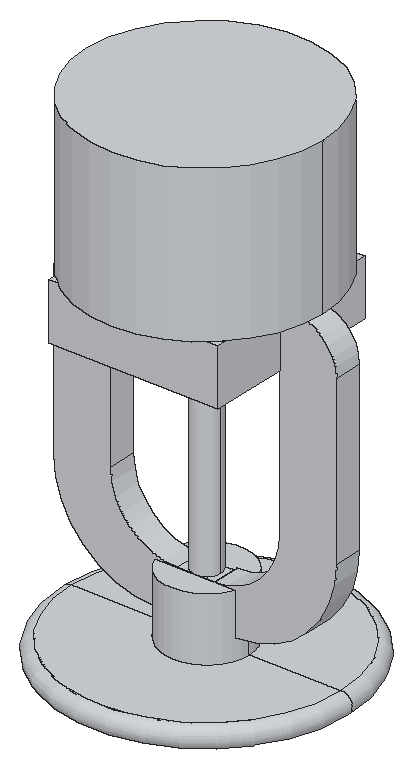
Revit family
Parameters (values of type "RASCO F1FR-EC PENDENT")
  Temperature Rating = 135 °F
  Response = 1
  RASCO SIN # = "R4842"
  RASCO Part # = "F1FREC0LW"
  Pressure Rating = "300 PSI"
  Pressure Class = 1
  Orifice Size = 17/32"
  Orifice = (empty or 0)
  Model = "F1FR"
  Manufacturer = "RASCO"
  K-Factor = 8
  Description = "White Finish"
  Coverage = 1
Reference planes (in)
  plane 1 "Center (Front/Back)": y = 0
  plane 2: z = 0
  plane 3 "Center (Left/Right)": x = 0
Dimensions and locks (in)
  aligned and locked: plane 2 to level
Nested families (in)
  nested 1: "F1FREC0LW" at (-0.01148, -1.2509, 2.4375) x (-1, 0, 0) z (0, 0, -1), type "RASCO F1FR-EC PENDENT"
Connectors (in)
  piping at (-0.01148, -1.2509, 2.4375)
    settings: on nested 1, index 1, connector radius 17/32", flow factor 0, pipe flow 0 GPM, pressure drop 0.00 psi, fitting loss kfactor 0, connector angle 0.00°, fixture units 0, flow configuration 0, flow direction 0, fitting loss method 0, system type 7, connector reference index -1, connector utility 0, adjustable connector no, is connector primary yes, fitting loss table "", connector description ""
Definition of nested family "F1FREC0LW"
  Parameters (values of type "RASCO F1FR-300 PENDENT")
    Type Comments = ""
    Temperature Rating = 0 °F
    Response = (empty or 0)
    Pressure Rating = "0"
    Pressure Class = (empty or 0)
    Orifice Size = 0"
    Orifice = (empty or 0)
    Model = ""
    Manufacturer = ""
    K-Factor = 0
    Description = ""
    Coverage = (empty or 0)
    Assembly Code = ""
  Reference planes (in)
    plane 1 "Center (Front/Back)": y = 0
    plane 2: z = 0
    plane 3 "ref.2": z = 0.6875
    plane 4 "ref.3": z = 0.9375
    plane 5: x = -0.38065
    plane 6: x = 0.36935
    plane 7 "ref. side 1": y = 0.06402
    plane 8 "ref. side 2": y = -0.06098
    plane 9 "ref.4": z = 1.875
    plane 10 "ref.5": z = 2.3125
    plane 11 "ref.6": z = 2.4375
  Forms (in)
    Extrusion 1, solid
      sketch origin (0, 0, 0) x (1, 0, 0) y (0, 1, 0)
        loop
          circle (0, 0) r 0.5221
      from 0 to 0.6875
    Extrusion 2, solid
      sketch origin (-0.12185, 0.05177, 0.6875) x (1, 0, 0) y (0, 1, 0)
        loop
          line (-0.2588, 0.356) -> (-0.2588, -0.4565) -> (0.4912, -0.4565) -> (0.4912, 0.356) -> (-0.2588, 0.356)
      from 0 to 0.25
    Extrusion 3, solid
      sketch origin (0, 0, 0) x (1, 0, 0) y (0, 0, 1)
        loop
          line (-0.38065, 0.69674) -> (-0.38065, 1.58397)
          arc (-0.38065, 1.58397) -> (-0.29541, 1.78976) -> (-0.08962, 1.875) r 0.29103
          line (-0.08962, 1.875) -> (0.07524, 1.875)
          arc (0.07524, 1.875) -> (0.28321, 1.78886) -> (0.36935, 1.58089) r 0.29411
          line (0.36935, 1.58089) -> (0.36935, 0.69728)
          arc (0.36935, 0.69728) -> (0.54046, 0.72329) -> (0.61935, 0.87734) r 0.18984
          line (0.61935, 0.87734) -> (0.61935, 1.61676)
          arc (0.61935, 1.61676) -> (0.48879, 1.93194) -> (0.17361, 2.0625) r 0.44574
          line (0.17361, 2.0625) -> (-0.18509, 2.0625)
          arc (-0.18509, 2.0625) -> (-0.50015, 1.932) -> (-0.63065, 1.61694) r 0.44556
          line (-0.63065, 1.61694) -> (-0.63065, 0.87876)
          arc (-0.63065, 0.87876) -> (-0.55196, 0.72414) -> (-0.38065, 0.69674) r 0.19126
      from -0.06402 to 0.06098
    Extrusion 4, solid
      sketch origin (0, 0, 0.9375) x (-1, 0, 0) y (0, -1, 0)
        loop
          circle (0.00574, -0.00152) r 0.0625
      from 0 to 0.9375
    Extrusion 5, solid
      sketch origin (0, 0, 1.875) x (-1, 0, 0) y (0, -1, 0)
        loop
          circle (0.00574, -0.00152) r 0.1875
      from 0 to 0.4375
    Revolve 6, solid
      sketch origin (0, 0, -0.2777) x (1, 0, 0) y (0, 0, 1)
        loop
          line (-0.19324, 2.43178) -> (-0.19324, 2.52696) -> (-0.60258, 2.52696)
          arc (-0.60258, 2.52696) -> (-0.65017, 2.47937) -> (-0.60258, 2.43178) r 0.04759
          line (-0.60258, 2.43178) -> (-0.19324, 2.43178)
        axis (-0.00574, 2.43178) -> (-0.00574, 2.52696)
      angle from 0 to 360
  Cuts and joins
    joined: Extrusion 1, Extrusion 2, Extrusion 4, Revolve 6
  Lines and regions (in)
    model lines
      curve 1: line (-0.00574, 0.06402, 1.875) -> (-0.00574, -0.06098, 1.875)
  Dimensions and locks (in)
    Extrusion 3 to Extrusion 3 = 0' - 1 1/4"
    Extrusion 5 to cut or joined group of Extrusion 1, Extrusion 2, Extrusion 4, Revolve 6 = 0' - 2 5/16"
